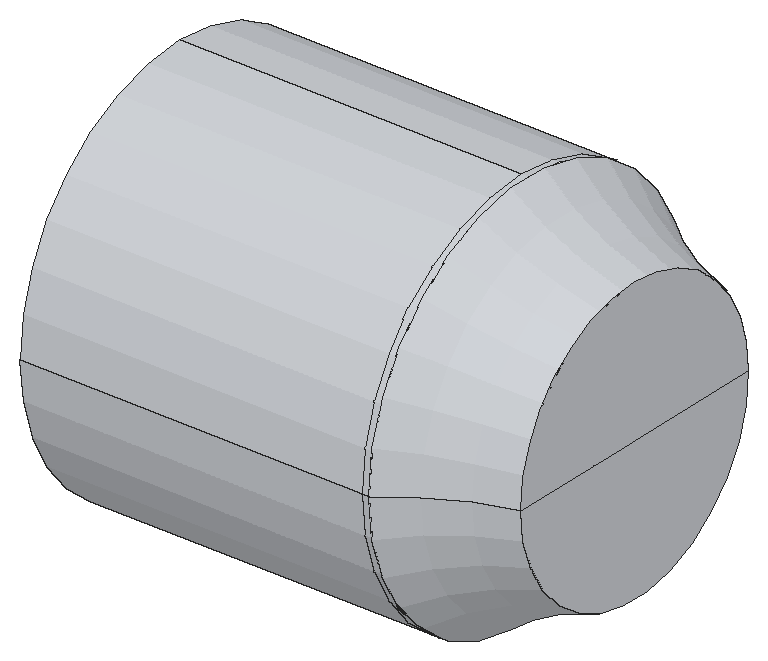
Revit family "M_Round Takeoff - Bellmouth", category Duct Fittings, Revit 2014
Parameters (values of type "Standard")
  built-in parameter 1114214 [instance] = 304.8 mm
  built-in parameter 1114213 [instance] = 101.6 mm
  built-in parameter 1114215 [instance] = if(Duct Diameter 2 > 406.4 mm, Duct Diameter 2 * 0.25, 101.6 mm)  # 0.33333 (stored number, unit not read)
  Adjustment Radius [instance] = 50.8 mm
  Duct Radius 2 [instance] = 127 mm
  Duct Length 2 [instance] = 1 / 3 * [built-in parameter 1114213]  # 33.867 mm
  Duct Length 1 [instance] = 6.35 mm  # constant formula
  Duct Radius 1 [instance] = Duct Radius 2 + Adjustment Radius  # 177.8 mm
  Duct Diameter 2 [instance] = Duct Radius 2 * 2  # 254 mm
  Duct Diameter 1 [instance] = Duct Radius 1 * 2  # 355.6 mm
  Assembly Code = ""
Reference planes
  plane 1 "Center (Front/Back)": y = 0
  plane 2: z = 0
  plane 3 "Center (Left/Right)": x = 0
  plane 4: x = -304.8
  plane 5: x = 101.6
  plane 6: x = 6.35
  plane 7: x = 40.217
  plane 8: y = 177.8
  plane 9: y = 127
  plane 10: y = 152.4
  plane 11: y = 152.4
  plane 12: y = 152.4
Forms (mm)
  Sweep 1, solid, detail levels medium+fine
    path in 3D
      loop
        line (-304.8, 0, 0) -> (0, 0, 0)
    profile "M_Duct - Round - Bellmouth : Duct - Round Cone Base" origin (-152.4, 0, 0) x (0, 1, 0) y (0, 0, 1)
      loop
        arc (-177.8, 0) -> (-125.724, -125.724) -> (0, -177.8) r 177.8
        arc (0, -177.8) -> (125.724, -125.724) -> (177.8, 0) r 177.8
        arc (177.8, 0) -> (125.724, 125.724) -> (0, 177.8) r 177.8
        arc (0, 177.8) -> (-125.724, 125.724) -> (-177.8, 0) r 177.8
  Revolve 2, solid, detail levels medium+fine
    sketch origin (0, 0, 0) x (1, 0, 0) y (0, 1, 0)
      loop
        line (0, 0) -> (101.6, 0) -> (101.6, 127)
        arc (101.6, 127) -> (51.082, 146.976) -> (6.35, 177.8) r 240.039
        line (6.35, 177.8) -> (0, 177.8) -> (0, 0)
      axis (101.6, 0) -> (0, 0)
    angle from 0 to 360
  Extrusion 3, solid, detail levels medium+fine
    sketch origin (0, 0, 0) x (0, 1, 0) y (0, 0, 1)
      loop
        circle (0, 0) r 3.175
    from 0 to 101.6
Cuts and joins
  joined: Sweep 1, Revolve 2, Extrusion 3
Lines and regions (mm)
  reference lines
    curve 1: line (0, 0, 0) -> (101.6, 0, 0)
    curve 2: line (-304.8, 0, 0) -> (0, 0, 0)
  sketch lines
    curve 3: line (-304.8, 0, 0) -> (0, 0, 0)
  model lines, style "DuctFitting", not visible, detail levels coarse
    curve 4: line (-304.8, 0, 0) -> (0, 0, 0)
    curve 5: line (0, 0, 0) -> (101.6, 0, 0)
Dimensions and locks
  "built-in parameter 1114213": plane 3 "Center (Left/Right)" to plane 5
  "built-in parameter 1114214": plane 4 to plane 3 "Center (Left/Right)"
  "Duct Length 1": plane 3 "Center (Left/Right)" to plane 6
  "Duct Length 2": plane 6 to plane 7
  "Duct Radius 1": plane 1 "Center (Front/Back)" to plane 8
  "Duct Radius 2": plane 9 to plane 1 "Center (Front/Back)"
  equal spacing: plane 8, plane 10, plane 9
  aligned and locked: plane 5 to curve 1
  aligned and locked: plane 3 "Center (Left/Right)" to curve 1
  aligned and locked: plane 1 "Center (Front/Back)" to curve 1
  aligned and locked: plane 4 to curve 2
  aligned and locked: plane 1 "Center (Front/Back)" to curve 2
  aligned and locked: plane 3 "Center (Left/Right)" to curve 5
  aligned and locked: plane 4 to curve 4
  aligned and locked: plane 1 "Center (Front/Back)" to curve 4
  aligned and locked: Revolve 2 sketch curve to plane 8
  aligned and locked: plane 1 "Center (Front/Back)" to Extrusion 3 sketch curve
  aligned and locked: plane 2 to Extrusion 3 sketch curve
  aligned and locked: plane 5 to Extrusion 3
  aligned and locked: Extrusion 3 to plane 3 "Center (Left/Right)"
  aligned and locked: plane 9 to Revolve 2 sketch curve
  aligned and locked: plane 6 to Revolve 2 sketch curve
  aligned and locked: plane 3 "Center (Left/Right)" to Revolve 2 sketch curve
Automatic sketch dimensions
  Revolve 2 sketch curve to plane 1 "Center (Front/Back)" = 0 mm  (x2)
  Revolve 2 sketch curve to plane 5 = 0 mm
  Revolve 2 sketch curve to plane 4 = 1219.2 mm
  plane 5 to Revolve 2 sketch curve = 62.442 mm
  Revolve 2 sketch curve to Revolve 2 sketch curve = 1219.2 mm
  curve 5 to plane 5 = 0 mm
  radius of Extrusion 3 sketch curve = 3.175 mm
Connectors
  hvac at (0, 0, 0), driven by "Duct Radius 2"
    settings: on Sweep 1, index 1, duct flow 0.0 L/s, flow factor 0, pres drop 0.0 Pa, loss coef 0, conn angle 0.00°, conn width 304.8 mm, conn height 304.8 mm, conn diameter 254 mm, duct sys type 28, conn prof type 0, flow config 0, flow direction 0, loss method 0, conn ref index 2, conn util no, is conn primary yes, conn desc ""
  hvac at (101.6, 0, 0), driven by "Duct Radius 2"
    settings: on Extrusion 3, index 2, duct flow 0.0 L/s, flow factor 0, pres drop 0.0 Pa, loss coef 0, conn angle 0.00°, conn width 304.8 mm, conn height 304.8 mm, conn diameter 254 mm, duct sys type 28, conn prof type 0, flow config 0, flow direction 0, loss method 0, conn ref index 1, conn util no, is conn primary no, conn desc ""
